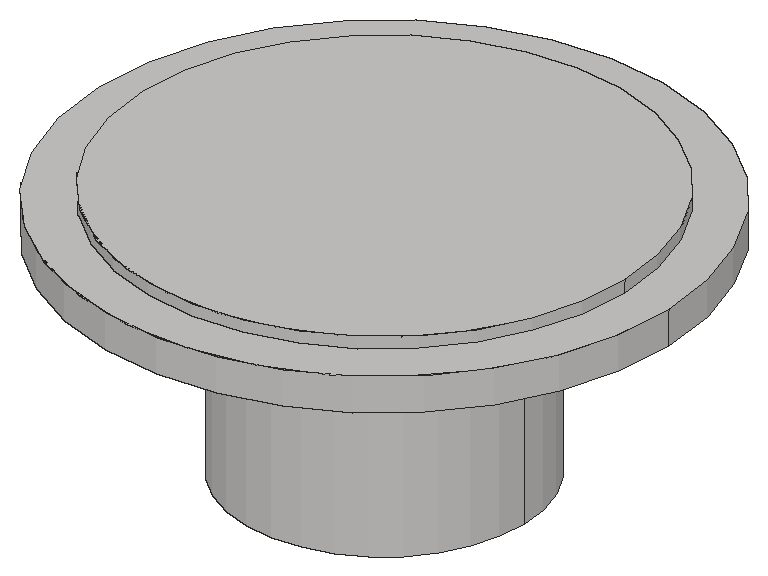
Revit family "PRD_FrankeWS_WshBsnsWsts_StrainerWaste_ZANMW901", category Plumbing Fixtures, Revit 2018
Family settings
  Round Connector Dimension = Use Diameter
  Part Type = Normal
  OmniClass Number = 23.45.05.14.99
  OmniClass Title = Other Sanitary Washing Plumbing Fixtures
  Work Plane-Based = Yes
  Always vertical = No
  Cut with Voids When Loaded = No
  Shared = Yes
  Room Calculation Point = No
Parameters (values of type "StrainerWaste ZANMW901")
  WasteValveMaterial = PRD_AR_StainlessSteel_SatinFinished
  WasteTrapType = "Other"
  WarrantyStartDate [instance] = "1900-12-31T23:59:59"
  WarrantyGuarantorParts = "n/a"
  WarrantyGuarantorLabor = "n/a"
  WarrantyDurationUnit = "year"
  WarrantyDurationParts = "n/a"
  WarrantyDurationLabor = "n/a"
  WarrantyDescription = "n/a"
  Version = "1"
  Uniclass2015Version = "Products v1.7"
  Uniclass2015Title = "Wash basins wastes"
  Uniclass2015Code = "Pr_70_55_96_97"
  URL = "www.kwc.com"
  TailPattern = "n/a"
  TagNumber [instance] = "n/a"
  SustainabilityPerformance = "n/a"
  Standard = "n/a"
  Size = "n/a"
  Shape = "Cylindrical"
  SerialNumber [instance] = "n/a"
  Revision = "n/a"
  ReplacementCost = "n/a"
  ProductInformation = "https://pim.kwc.com/product/2000100854/attachment/datasheet?locale=en"
  OutletConnectionSize = 32 mm
  OutletConnectionLength = 24 mm
  OuterDiameter = 65 mm
  NominalWidth = 0 mm
  NominalLength = 0 mm
  NominalHeight = 0 mm
  NetWeight = 0.03 kg
  Name = "Strainer waste ZANMW901"
  NBSTypeID = "n/a"
  NBSReference = "45-35-70/372"
  NBSOfficeMasterTag = "n/a"
  NBSNote = "n/a"
  NBSDescription = "Wastes for wash basins"
  NBSCertification = "n/a"
  ModelReference = "ZANMW901"
  ModelNumber = "2000100854"
  Model = ModelReference  # "ZANMW901"
  MaterialsFinishAndColour = "n/a"
  MaterialsBody = "n/a"
  Material = "n/a"
  ManufacturerURL = "www.kwc.com"
  ManufacturerName = "KWC Group AG"  # constant formula
  Manufacturer = ManufacturerName  # "KWC Group AG"
  InstallationDate [instance] = "1900-12-31T23:59:59"
  InletConnectionSize = 0 mm
  IfcExportType = "WASTETRAP"
  IfcExportAs = "IfcWasteTerminalType"
  GrossWeight = 0.032 kg
  Grade = "n/a"
  Form = "n/a"
  Finish = "n/a"
  Features = "Strainer waste"
  ExpectedLife = "n/a"
  DurationUnit = "year"
  Description = "Strainer waste, lower part of valve made of plastic, strainer plate made of stainless steel, diameter 55 mm, connection G 1 1/4 B."
  Default Elevation = 0 mm
  Diameter = 55 mm
  Constituents = "n/a"
  Color = "n/a"
  CodePerformance = "n/a"
  Category = "Pr_70_55_96_97, Wash basins wastes"
  BarCode [instance] = "n/a"
  BIMObjectName = "PRD_AR_WashBasinsWastes_AnimaWasteValve_StrainerWaste_ZANMW901"
  Author = "Archispace"  # constant formula
  AssetType = "Fixed"
  AssetIdentifier [instance] = "n/a"
  AccessibilityPerformance = "n/a"
Reference planes
  plane 1 "Center (Front/Back)": y = 0
  plane 2: z = 0
  plane 3 "Center (Left/Right)": x = 0
  plane 4: z = -24
Forms (mm)
  Extrusion 1, solid, material "PRD_AR_StainlessSteel_SatinFinished" <- "WasteValveMaterial", detail levels fine
    sketch origin (0, 0, 0) x (1, 0, 0) y (0, 1, 0)
      loop
        circle (0, 0) r 27.5
    from 3.736 to 5
  Extrusion 2, solid, material "PRD_AR_StainlessSteel_SatinFinished" <- "WasteValveMaterial"
    sketch origin (0, 0, 0) x (1, 0, 0) y (0, 1, 0)
      loop
        circle (0, 0) r 16
    from -24 to 0
  Extrusion 3, solid, material "PRD_AR_StainlessSteel_SatinFinished" <- "WasteValveMaterial", detail levels fine
    sketch origin (0, 0, 0) x (1, 0, 0) y (0, 1, 0)
      loop
        circle (0, 0) r 32.5
    from 0 to 3.736
  Extrusion 4, solid, material "PRD_AR_StainlessSteel_SatinFinished" <- "WasteValveMaterial", detail levels coarse+medium
    sketch origin (0, 0, 0) x (1, 0, 0) y (0, 1, 0)
      loop
        circle (0, 0) r 32.5
    from 0 to 5
Dimensions and locks
  "OutletConnectionLength": level to plane 4
  "Diameter": diameter of Extrusion 1 sketch curve
  "OutletConnectionSize": diameter of Extrusion 2 sketch curve
  "OuterDiameter": diameter of Extrusion 3 sketch curve
  "OuterDiameter": diameter of Extrusion 4 sketch curve
  aligned and locked: level to plane 2
  aligned and locked: level to Extrusion 2
  aligned and locked: Extrusion 2 to plane 4
  aligned and locked: Extrusion 1 to Extrusion 3
Automatic sketch dimensions
  plane 1 "Center (Front/Back)" to Extrusion 2 sketch curve = 0 mm
  Extrusion 2 sketch curve to plane 3 "Center (Left/Right)" = 0 mm
  plane 1 "Center (Front/Back)" to Extrusion 1 sketch curve = 0 mm
  Extrusion 1 sketch curve to plane 3 "Center (Left/Right)" = 0 mm
  plane 1 "Center (Front/Back)" to Extrusion 3 sketch curve = 0 mm
  Extrusion 3 sketch curve to plane 3 "Center (Left/Right)" = 0 mm
  plane 1 "Center (Front/Back)" to Extrusion 4 sketch curve = 0 mm
  Extrusion 4 sketch curve to plane 3 "Center (Left/Right)" = 0 mm
